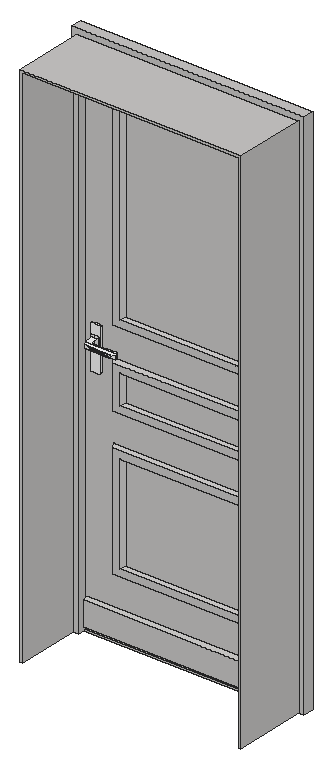
Revit family "Doorset_Porte palière blindée destinée au projet de réhabilitation BELLECOUR_ASSA ABLOY FR_Hardware 3D-05", category Doors, host Wall, Revit 2015
Parameters (values of type "914x2198 mm (900 x 2200mm)")
  Uniclass 2.0 Description = "Doorsets"
  Uniclass 2.0 Code = "PR-59-23"
  Uniclass 1.4 Description = "Doors"
  Uniclass 1.4 Code = "JL20"
  URL = "https://www.fichet-serrurerie-batiment.fr/fr/porte-bellecour"
  Type Comments = "914x2198 mm (900 x 2200mm)"  # constant formula
  Thickness = 62 mm  # constant formula
  Structural Opening Width = if(Width > Maximum Door Width, Maximum Door Width + 20 mm, if(Width < Minimum Door Width, Minimum Door Width + 20 mm, Width + 20 mm))  # 920 mm
  Structural Opening Height = if(Height > Maximum Door Height, Maximum Door Height + 10 mm, if(Height < Minimum Door Height, Minimum Door Height + 10 mm, Height + 10 mm))  # 2210 mm
  Rough Width = Structural Opening Width  # 920 mm
  Rough Height = Structural Opening Height  # 2210 mm
  Region Europe = "France"
  Provider = "ASSA ABLOY FR"  # constant formula
  Product Guid = "56098edf-7293-468c-9a03-4614a8b7a5ac"
  Panel Width = Structural Opening Width - 6 mm  # 914 mm
  Panel Material = Metal - Assa Abloy - Steel
  Panel Height = Structural Opening Height - 12 mm  # 2198 mm
  OmniClass Title = "Doors"
  OmniClass Number = "23-17 11 00"
  Name = "Porte palière blindée destinée au projet de réhabilitation BELLECOUR\r\n"  # constant formula
  Model = "Doorset_Porte palière blindée destinée au projet de réhabilitation BELLECOUR_ASSA ABLOY FR_Hardware 3D\r\n"  # constant formula
  Minimum Door Width = 650 mm  # constant formula
  Minimum Door Height = 1952 mm  # constant formula
  Maximum Door Width = 1050 mm  # constant formula
  Maximum Door Height = 2325 mm  # constant formula
  Manufacturer = "ASSA ABLOY"  # constant formula
  Lock Cases = "1x Cylindre GEMMCODE_Mechanical locks_Fichet [AN. 73960050]\r\n"  # constant formula
  Keynote = "08100"
  Identity and Access Solutions = "1x Serrure 5000 SPN1 T204- D_Identity and Access Solutions_Vachette [AN. 841900 4]\r\n"  # constant formula
  IFC classification = "Door"
  Hardware Set = "\tED-ML-MC-FR16"  # constant formula
  Handle Position = 81 mm  # constant formula
  Handle Height = 1100 mm  # constant formula
  Function = Exterior
  Height = 2200 mm
  Wall Closure = By host
  Width = 900 mm
  Frame Width = Structural Opening Width - 20 mm  # 900 mm
  Frame Material = Metal - Assa Abloy - Steel
  Frame Height = Structural Opening Height - 10 mm  # 2200 mm
  Edition number = "1"
  Description = "La porte anti-effraction certifiée  A2P BP1 \n\r\n"  # constant formula
  Date of publishing = ""
  Contact Provider = "http://www.assaabloy.fr/contactez-nous/"
  Clear Width = Structural Opening Width - 48 mm - 20 mm  # 852 mm
  BIMobject Unique ref = "ED-ML-MC-FR16\r\n"  # constant formula
  BIMobject Product Page = "https://www.bimobject.com/en-us/assaabloy-fr/product/ed-ml-mc-fr16"
  BIMobject Product Group = "Security doors and fittings"  # constant formula
  BIMobject Product Family = "Exterior Door Solutions"  # constant formula
  BIMobject Instructions Video = ""
  BIMobject Brand = "ASSA ABLOY FR"  # constant formula
  Assembly Code = "B2030"
  Architectural Hardware = "1x Ensemble béquillage SCULT_Architectural hardware_Vachette [AN. 204367 4]\r\n"  # constant formula
Reference planes
  plane 1: y = 0
  plane 2 "Center (Left/Right)": x = 0
  plane 3 "Exterior": y = 150
  plane 4 "Interior": y = -150
  plane 5: x = 460
  plane 6: x = -460
  plane 7 "Structural": z = 2210
  plane 8: x = 450
  plane 9: x = -450
  plane 10: z = 2200
  plane 11: z = 1984
  plane 12: y = 88
  plane 13: z = 1100
  plane 14 "Panel": y = 1108.7
  plane 15: y = 1070
  plane 16: x = 416
  plane 17: x = -426
  plane 18: x = 426
  plane 19: y = 194.7
  plane 20: y = 208.5
  plane 21: x = -442.131
  plane 22: x = -484
  plane 23: x = 484
  plane 24: x = -306
  plane 25: x = 306
  plane 26: z = 251.279
  plane 27: z = 740.754
  plane 28: z = 860.754
  plane 29: z = 1060.754
  plane 30: z = 1180.754
  plane 31: z = 2056
  plane 32: x = -416
  plane 33: y = 115
  plane 34: y = 141.2
  plane 35: y = 1046.7
  plane 36: x = 364
  plane 37: x = 457
  plane 38: x = 470.8
  plane 39: z = 2176
  plane 40: z = 2234
  plane 41: x = -376
  plane 42: z = 1100
  plane 43: z = 24
  plane 44: y = 179.7
  plane 45: z = 2244
Forms (mm)
  Sweep 1, solid, material "Metal - Assa Abloy - Steel" <- "Frame Material"
    path origin (0, 150, 0) x (1, 0, 0) y (0, 0, 1)
      loop
        line (-450, 0) -> (-450, 2200) -> (450, 2200) -> (450, 0)
    profile origin (450, 150, 1100) x (0, -1, 0) y (1, 0, 0)
      loop
        line (35, 0) -> (0, 0) -> (0, 34) -> (-44.7, 34) -> (-44.7, -24) -> (35, -24) -> (35, 0)
  Sweep 2, solid, material "Metal - Assa Abloy - Steel" <- "Panel Material"
    path origin (0, 150, 0) x (1, 0, 0) y (0, 0, 1)
      loop
        line (-426, 0) -> (426, 0)
    profile origin (0, 150, 0) x (0, 0, 1) y (0, -1, 0)
      loop
        line (2207, -44.7) -> (2176, -44.7) -> (2176, 3.5) -> (24, 3.5) -> (24, -29.7) -> (11.808, -29.7) -> (11.808, -44.7) -> (9, -44.7) -> (9, -58.5) -> (2207, -58.5) -> (2207, -44.7)
  Extrusion 3, solid, material "Metal - Assa Abloy - Steel" <- "Panel Material"
    sketch origin (0, 0, 0) x (1, 0, 0) y (0, 1, 0)
      loop
        line (-426, 208.5) -> (-457, 208.5) -> (-457, 194.7) -> (-426, 194.7) -> (-426, 208.5)
      loop
        line (426, 208.5) -> (426, 194.7) -> (457, 194.7) -> (457, 208.5) -> (426, 208.5)
    from 9 to 2207
  Sweep 4, solid, material "Metal - Assa Abloy - Steel" <- "Panel Material"
    path origin (-533.519, 208.5, 1200) x (-1, 0, 0) y (0, 0, 1)
      loop
        line (-227.519, -459.246) -> (-839.519, -459.246) -> (-839.519, -948.721) -> (-227.519, -948.721) -> (-227.519, -459.246)
    profile origin (306, 208.5, 496.017) x (0, 1, 0) y (-1, 0, 0)
      loop
        line (0, 0) -> (16, 9.238) -> (16, 38.762) -> (0, 48) -> (0, 0)
      loop
        line (-62, 0) -> (-62, 48) -> (-78, 38.762) -> (-78, 9.238) -> (-62, 0)
  Sweep 5, solid, material "Metal - Assa Abloy - Steel" <- "Panel Material"
    path origin (-533.519, 208.5, 1200) x (-1, 0, 0) y (0, 0, 1)
      loop
        line (-227.519, -139.246) -> (-839.519, -139.246) -> (-839.519, -339.246) -> (-227.519, -339.246) -> (-227.519, -139.246)
    profile origin (306, 208.5, 960.754) x (0, 1, 0) y (-1, 0, 0)
      loop
        line (0, 0) -> (16, 9.238) -> (16, 38.762) -> (0, 48) -> (0, 0)
      loop
        line (-62, 0) -> (-62, 48) -> (-78, 38.762) -> (-78, 9.238) -> (-62, 0)
  Sweep 6, solid, material "Metal - Assa Abloy - Steel" <- "Panel Material"
    path origin (-533.519, 208.5, 1200) x (-1, 0, 0) y (0, 0, 1)
      loop
        line (-227.519, 856) -> (-839.519, 856) -> (-839.519, -19.246) -> (-227.519, -19.246) -> (-227.519, 856)
    profile origin (306, 208.5, 1618.377) x (0, 1, 0) y (-1, 0, 0)
      loop
        line (16, 9.238) -> (16, 38.762) -> (0, 48) -> (0, 0) -> (16, 9.238)
      loop
        line (-78, 9.238) -> (-62, 0) -> (-62, 48) -> (-78, 38.762) -> (-78, 9.238)
  Sweep 7, solid, material "Metal - Assa Abloy - Steel" <- "Panel Material"
    path origin (-533.519, 208.5, 1200) x (-1, 0, 0) y (0, 0, 1)
      loop
        line (-949.519, -1176) -> (-117.519, -1176)
    profile origin (0, 208.5, 24) x (0, 0, 1) y (0, 1, 0)
      loop
        line (0, -62) -> (0, -82) -> (100, -82) -> (107.279, -62) -> (0, -62)
  Sweep 8, solid, material "Metal - Assa Abloy - Steel" <- "Frame Material"
    path origin (-476, 194.7, 1200) x (1, 0, 0) y (0, 0, 1)
      loop
        line (50, -1200) -> (902, -1200)
    profile origin (0, 194.7, 0) x (0, 0, 1) y (0, -1, 0)
      loop
        line (0, 0) -> (11.808, 0) -> (11.808, 11.3) -> (7, 53.5) -> (0, 53.5) -> (0, 0)
  Extrusion 9, solid, material "Metal - Assa Abloy - Steel" <- "Frame Material"
    sketch origin (-533.519, 208.5, 1200) x (-1, 0, 0) y (0, 0, 1)
      loop
        line (-73.519, 1010) -> (-993.519, 1010) -> (-993.519, -1200) -> (-983.519, -1200) -> (-983.519, 1000) -> (-83.519, 1000) -> (-83.519, -1200) -> (-73.519, -1200) -> (-73.519, 1010)
    from -358.5 to -58.5
Cuts and joins
  joined: Sweep 2, Extrusion 3
Lines and regions (mm)
  Opening 1
    outline origin (-5000, -150, 0) x (1, 0, 0) y (0, 0, 1)
      loop
        line (5460, 2210) -> (4540, 2210) -> (4540, 0) -> (5460, 0) -> (5460, 2210)
  Masking region 1
    outline origin (0, 0, 0) x (1, 0, 0) y (0, 1, 0)
      loop
        line (460, 150) -> (-460, 150) -> (-460, -150) -> (460, -150) -> (460, 150)
  Masking region 2, detail levels medium
    outline origin (0, 0, 0) x (1, 0, 0) y (0, 1, 0)
      loop
        line (-484, 194.7) -> (-484, 115) -> (-426, 115) -> (-426, 194.7) -> (-484, 194.7)
      loop
        line (484, 194.7) -> (426, 194.7) -> (426, 115) -> (484, 115) -> (484, 194.7)
  Masking region 3, detail levels fine
    outline origin (0, 0, 0) x (1, 0, 0) y (0, 1, 0)
      loop
        line (-484, 194.7) -> (-484, 150) -> (-450, 150) -> (-450, 115) -> (-426, 115) -> (-426, 194.7) -> (-484, 194.7)
      loop
        line (484, 194.7) -> (426, 194.7) -> (426, 115) -> (450, 115) -> (450, 150) -> (484, 150) -> (484, 194.7)
  Masking region 4, detail levels medium
    outline origin (0, 0, 0) x (1, 0, 0) y (0, 1, 0)
      loop
        line (426, 194.7) -> (426, 1046.7) -> (364, 1046.7) -> (364, 194.7) -> (426, 194.7)
  Masking region 5, detail levels coarse+medium
    outline origin (0, 0, 0) x (0, 1, 0) y (0, 0, 1)
      loop
        line (115, 2234) -> (115, 0) -> (194.7, 0) -> (194.7, 2234) -> (115, 2234)
  Masking region 6, detail levels fine
    outline origin (0, 0, 0) x (0, 1, 0) y (0, 0, 1)
      loop
        line (194.7, 2234) -> (150, 2234) -> (150, 2200) -> (115, 2200) -> (115, 0) -> (194.7, 0) -> (194.7, 9) -> (208.5, 9) -> (208.5, 2207) -> (194.7, 2207) -> (194.7, 2234)
  Masking region 7, detail levels fine
    outline origin (0, 0, 0) x (1, 0, 0) y (0, 1, 0)
      loop
        line (457, 194.7) -> (457, 1108.7) -> (443, 1108.7) -> (443, 1077.7) -> (395, 1077.7) -> (395, 225.7) -> (443, 225.7) -> (443, 194.7) -> (457, 194.7)
  symbolic lines, style "Elevation Swing"
    curve 1: line (450, -150, 2200) -> (-450, -150, 1100)
    curve 2: line (-450, -150, 1100) -> (450, -150, 0)
  symbolic lines, style "Doors", detail levels fine
    curve 3: line (-426, 194.7, 0) -> (426, 194.7, 0)
    curve 4: line (-426, 141.2, 0) -> (426, 141.2, 0)
  symbolic lines, style "Plan Swing", detail levels coarse
    curve 5: line (460, 150, 0) -> (460, 1070, 0)
    curve 6: arc (460, 1070, 0) -> (-190.538, 800.538, 0) -> (-460, 150, 0) r 920
  symbolic lines, style "Plan Swing", detail levels medium
    curve 7: arc (-426, 194.7, 0) -> (-176.455, 797.155, 0) -> (426, 1046.7, 0) r 852
  symbolic lines, style "Plan Swing", detail levels fine
    curve 8: arc (457, 1108.596, 0) -> (-180.356, 836.098, 0) -> (-443.2, 194.7, 0) r 914
  symbolic lines, style "Plan Swing", detail levels medium+fine
    curve 9: line (0, 194.7, 2176) -> (0, 115, 2176)
  symbolic lines, style "Plan Swing"
    curve 10: line (0, 115, 2200) -> (0, -150, 2200)
  symbolic lines, style "DoorsPanelProjection", detail levels fine
    curve 11: line (0, 146.5, 2176) -> (0, 146.5, 24)
    curve 12: line (0, 194.7, 2207) -> (0, 194.7, 2176)
    curve 13: line (0, 146.5, 24) -> (0, 179.7, 24)
    curve 14: line (0, 179.7, 24) -> (0, 179.7, 11.808)
    curve 15: line (0, 179.7, 11.808) -> (0, 194.7, 11.808)
    curve 16: line (0, 194.7, 11.808) -> (0, 194.7, 9)
Text (mm)
  text "Exterior" at (-2295.016, 1099.543, 0), in view "Ref. Level"
  text "Exterior" at (0, 1615.38, 3698.081), in view "Left"
  text "Exterior" at (0, 1036.032, 3874.932), in view "Right"
Dimensions and locks
  locked: plane 3 "Exterior" to host wall at 0
  locked: plane 4 "Interior" to host wall
  equal spacing: plane 6, plane 2 "Center (Left/Right)", plane 5
  locked: plane 8 to plane 5 at 10
  locked: plane 9 to plane 6 at 10
  "Thickness": plane 12 to plane 3 "Exterior"
  "Structural Opening Width": plane 3 "Exterior" to plane 15
  locked: plane 17 to plane 6 at 34
  locked: plane 18 to plane 5 at 34
  locked: plane 3 "Exterior" to plane 19 at 44.7
  locked: plane 19 to plane 20 at 13.8
  Sweep 2 sketch curve to Sweep 2 sketch curve to Sweep 2 sketch curve to level = 12.192 mm locked, 2.808 mm locked, 9 mm locked
  locked: Extrusion 3 sketch curve to plane 17 at 31
  locked: Sweep 2 sketch curve to plane 10 at 24
  locked: plane 10 to Sweep 2 sketch curve at 7
  locked: plane 17 to plane 22 at 58
  locked: plane 23 to plane 18 at 58
  locked: plane 24 to plane 17 at 120
  locked: plane 18 to plane 25 at 120
  plane 27 to plane 26 to level = 489.474 mm locked, 251.279 mm locked
  plane 30 to plane 29 to plane 28 to plane 27 = 120 mm locked, 200 mm locked, 120 mm locked
  locked: plane 7 "Structural" to plane 31 at 154
  locked: plane 24 to plane 32 at 110
  locked: plane 16 to plane 25 at 110
  locked: plane 33 to plane 19 at 79.7
  locked: plane 34 to plane 19 at 53.5
  "Structural Opening Width": plane 5 to plane 6
  "Clear Width": plane 19 to plane 35
  "Thickness": plane 36 to plane 18
  "Structural Opening Height": plane 7 "Structural" to level
  locked: plane 8 to plane 37 at 7
  locked: plane 37 to plane 38 at 13.8
  plane 7 "Structural" to plane 10 = 10 mm
  locked: plane 10 to plane 39 at 24
  equal spacing: plane 10, plane 13, level
  "Panel Width": plane 19 to plane 14 "Panel"
  locked: plane 40 to plane 7 "Structural" at 24
  locked: Masking region 6 sketch curve to level at 9
  locked: plane 7 "Structural" to Masking region 6 sketch curve at 3
  locked: plane 41 to plane 17 at 50
  locked: plane 19 to Masking region 7 sketch curve at 31
  locked: plane 14 "Panel" to Masking region 7 sketch curve at 31
  Masking region 7 sketch curve to Masking region 7 sketch curve to plane 37 = 48 mm locked, 14 mm locked
  "Handle Height": plane 42 to level
  locked: plane 43 to level at 24
  locked: plane 20 to plane 44 at 28.8
  aligned and locked: plane 1 to host wall
  aligned and locked: plane 7 "Structural" to Opening 1 sketch curve
  aligned and locked: plane 5 to Opening 1 sketch curve
  aligned and locked: Opening 1 sketch curve to plane 6
  aligned and locked: level to Opening 1 sketch curve
  aligned and locked: Masking region 1 sketch curve to plane 3 "Exterior"
  aligned and locked: Masking region 1 sketch curve to plane 4 "Interior"
  aligned and locked: plane 6 to Masking region 1 sketch curve
  aligned and locked: Masking region 1 sketch curve to plane 5
  aligned and locked: plane 10 to Sweep 1 sketch curve
  aligned and locked: plane 9 to Sweep 1 sketch curve
  aligned and locked: plane 8 to Sweep 1 sketch curve
  aligned and locked: level to Sweep 1 sketch curve  (x2)
  aligned and locked: plane 17 to Sweep 2 sketch curve
  aligned and locked: plane 18 to Sweep 2 sketch curve
  aligned and locked: Sweep 2 sketch curve to level
  aligned and locked: Extrusion 3 sketch curve to plane 17
  aligned and locked: Extrusion 3 sketch curve to plane 20
  aligned and locked: Extrusion 3 sketch curve to plane 19
  aligned and locked: Extrusion 3 sketch curve to plane 18
  aligned and locked: plane 20 to Extrusion 3 sketch curve
  aligned and locked: plane 19 to Extrusion 3 sketch curve
  aligned and locked: Sweep 2 to Extrusion 3
  aligned and locked: Extrusion 3 to Sweep 2
  aligned and locked: Sweep 4 sketch curve to plane 25
  aligned and locked: plane 24 to Sweep 4 sketch curve
  aligned and locked: plane 27 to Sweep 4 sketch curve
  aligned and locked: Sweep 4 sketch curve to plane 26
  aligned and locked: cut or joined group of Sweep 2, Extrusion 3 to Sweep 4 sketch curve
  aligned and locked: Sweep 4 sketch curve to plane 20
  aligned and locked: Sweep 5 sketch curve to plane 25
  aligned and locked: Sweep 5 sketch curve to plane 28
  aligned and locked: plane 24 to Sweep 5 sketch curve
  aligned and locked: plane 29 to Sweep 5 sketch curve
  aligned and locked: Sweep 5 sketch curve to plane 20
  aligned and locked: cut or joined group of Sweep 2, Extrusion 3 to Sweep 5 sketch curve
  aligned and locked: Sweep 6 sketch curve to plane 25
  aligned and locked: plane 24 to Sweep 6 sketch curve
  aligned and locked: Sweep 6 sketch curve to plane 30
  aligned and locked: plane 31 to Sweep 6 sketch curve
  aligned and locked: plane 20 to Sweep 6 sketch curve
  aligned and locked: Sweep 6 sketch curve to cut or joined group of Sweep 2, Extrusion 3
  aligned and locked: plane 32 to Sweep 7 sketch curve
  aligned and locked: plane 16 to Sweep 7 sketch curve
  aligned and locked: Masking region 2 to plane 33  (x2)
  aligned and locked: Sweep 1 to plane 19
  aligned and locked: Masking region 2 to plane 22
  aligned and locked: plane 17 to Sweep 1
  aligned and locked: Sweep 1 to plane 18
  aligned and locked: plane 23 to Masking region 2
  aligned and locked: Masking region 2 to plane 19  (x2)
  aligned and locked: Sweep 8 sketch curve to level
  aligned and locked: plane 17 to Sweep 8 sketch curve
  aligned and locked: plane 18 to Sweep 8 sketch curve
  aligned and locked: plane 19 to Masking region 3 sketch curve
  aligned and locked: plane 22 to Masking region 3 sketch curve
  aligned and locked: plane 33 to Masking region 3 sketch curve
  aligned and locked: Masking region 3 sketch curve to plane 17
  aligned and locked: Masking region 3 sketch curve to plane 19
  aligned and locked: Masking region 3 sketch curve to plane 18
  aligned and locked: Masking region 3 sketch curve to plane 33
  aligned and locked: Masking region 3 sketch curve to plane 3 "Exterior"
  aligned and locked: plane 23 to Masking region 3 sketch curve
  aligned and locked: plane 19 to curve 3
  aligned and locked: plane 17 to curve 3
  aligned and locked: plane 18 to curve 3
  aligned and locked: plane 17 to curve 4
  aligned and locked: plane 18 to curve 4
  aligned and locked: plane 34 to curve 4
  aligned and locked: plane 15 to curve 5
  aligned and locked: curve 5 to plane 5
  aligned and locked: plane 3 "Exterior" to curve 5
  aligned and locked: plane 3 "Exterior" to curve 6
  aligned and locked: plane 5 to curve 6
  aligned and locked: Masking region 4 sketch curve to plane 36
  aligned and locked: plane 19 to Masking region 4 sketch curve
  aligned and locked: plane 35 to Masking region 4 sketch curve
  aligned and locked: plane 18 to Masking region 4
  aligned and locked: plane 18 to curve 7
  aligned and locked: plane 19 to curve 7
  aligned and locked: Masking region 3 sketch curve to plane 9
  aligned and locked: plane 8 to Masking region 3 sketch curve
  aligned and locked: Masking region 5 sketch curve to plane 33
  aligned and locked: Masking region 5 sketch curve to level
  aligned and locked: plane 40 to Masking region 5 sketch curve
  aligned and locked: plane 33 to Masking region 6
  aligned and locked: Masking region 6 to plane 40
  aligned and locked: plane 19 to Masking region 6
  aligned and locked: Masking region 6 to plane 20
  aligned and locked: level to Sweep 1
  aligned and locked: Sweep 1 to plane 33
  aligned and locked: plane 19 to curve 9
  aligned and locked: Sweep 1 to plane 39
  aligned and locked: plane 33 to curve 9
  aligned and locked: plane 10 to curve 10
  aligned and locked: plane 33 to curve 10
  aligned and locked: plane 4 "Interior" to curve 10
  aligned and locked: plane 33 to Sweep 1
  aligned and locked: Masking region 5 sketch curve to plane 19
  aligned and locked: Sweep 1 to plane 10
  aligned and locked: plane 3 "Exterior" to Sweep 1
  aligned and locked: plane 40 to Masking region 6 sketch curve
  aligned and locked: Masking region 6 sketch curve to plane 10
  aligned and locked: plane 3 "Exterior" to Masking region 6 sketch curve
  aligned and locked: plane 14 "Panel" to Masking region 7 sketch curve
  aligned and locked: plane 37 to Masking region 7 sketch curve
  aligned and locked: plane 39 to curve 11
  aligned and locked: plane 19 to curve 12
  aligned and locked: plane 39 to curve 12
  aligned and locked: Masking region 6 to curve 12
  aligned and locked: curve 13 to plane 43
  aligned and locked: plane 43 to curve 14
  aligned and locked: curve 14 to plane 44
  aligned and locked: cut or joined group of Sweep 2, Extrusion 3 to curve 14
  aligned and locked: curve 16 to plane 19
  aligned and locked: plane 7 "Structural" to Extrusion 9 sketch curve
  aligned and locked: Extrusion 9 sketch curve to plane 6
  aligned and locked: Extrusion 9 sketch curve to plane 5
  aligned and locked: level to Extrusion 9 sketch curve  (x4)
  aligned and locked: Extrusion 9 sketch curve to plane 9
  aligned and locked: Extrusion 9 sketch curve to plane 10
  aligned and locked: Extrusion 9 sketch curve to plane 8
  aligned and locked: plane 4 "Interior" to Extrusion 9
  aligned and locked: Extrusion 9 to plane 3 "Exterior"
  aligned and locked: plane 8 to curve 2
  aligned and locked: plane 9 to curve 2
  aligned and locked: plane 13 to curve 1
  aligned and locked: plane 8 to curve 1
  aligned and locked: plane 10 to curve 1
  aligned and locked: plane 41 to nested 1
  aligned and locked: nested 1 to plane 42
Automatic sketch dimensions
  plane 3 "Exterior" to Sweep 1 sketch curve = 0 mm
  Sweep 1 sketch curve to profile plane = 0 mm
  Sweep 1 sketch curve to plane 3 "Exterior" = 44.7 mm
  profile plane to Sweep 1 sketch curve = 24 mm
  Sweep 1 sketch curve to profile plane = 34 mm
  plane 3 "Exterior" to Sweep 1 sketch curve = 35 mm
  plane 3 "Exterior" to Sweep 2 sketch curve = 3.5 mm
  Sweep 2 sketch curve to plane 3 "Exterior" = 44.7 mm  (x2)
  Sweep 2 sketch curve to Sweep 2 sketch curve = 13.8 mm
  Sweep 2 sketch curve to Sweep 2 sketch curve = 15 mm
  plane 5 to Extrusion 3 sketch curve = 3 mm
  Sweep 4 sketch curve to profile plane = 0 mm  (x2)
  Sweep 4 sketch curve to profile plane = 9.238 mm  (x2)
  Sweep 4 sketch curve to Sweep 4 sketch curve = 16 mm
  plane 20 to Sweep 4 sketch curve = 16 mm
  Sweep 4 sketch curve to Sweep 4 sketch curve = 29.525 mm  (x2)
  Sweep 4 sketch curve to Sweep 4 sketch curve = 9.238 mm  (x2)
  Sweep 5 sketch curve to profile plane = 0 mm  (x2)
  Sweep 5 sketch curve to profile plane = 9.238 mm  (x2)
  Sweep 5 sketch curve to Sweep 5 sketch curve = 16 mm
  plane 20 to Sweep 5 sketch curve = 16 mm
  Sweep 5 sketch curve to Sweep 5 sketch curve = 29.525 mm  (x2)
  Sweep 5 sketch curve to Sweep 5 sketch curve = 9.238 mm  (x2)
  Sweep 6 sketch curve to profile plane = 0 mm  (x2)
  Sweep 6 sketch curve to profile plane = 9.238 mm  (x2)
  Sweep 6 sketch curve to Sweep 6 sketch curve = 16 mm
  plane 20 to Sweep 6 sketch curve = 16 mm
  Sweep 6 sketch curve to Sweep 6 sketch curve = 29.525 mm  (x2)
  Sweep 6 sketch curve to Sweep 6 sketch curve = 9.238 mm  (x2)
  level to Sweep 7 sketch curve = 24 mm
  profile plane to Sweep 7 sketch curve = 0 mm
  Sweep 7 sketch curve to profile plane = 100 mm
  Sweep 7 sketch curve to plane 20 = 82 mm
  Sweep 7 sketch curve to Sweep 7 sketch curve = 7.279 mm
  Sweep 7 sketch curve to Sweep 7 sketch curve = 20 mm
  Masking region 2 sketch curve to plane 22 = 0 mm
  Masking region 2 sketch curve to plane 17 = 0 mm
  Masking region 2 sketch curve to plane 18 = 0 mm
  Masking region 2 sketch curve to plane 23 = 0 mm
  Masking region 2 sketch curve to plane 33 = 0 mm  (x2)
  plane 19 to Masking region 2 sketch curve = 0 mm  (x2)
  profile plane to Sweep 8 sketch curve = 0 mm
  Sweep 8 sketch curve to profile plane = 11.808 mm
  plane 19 to Sweep 8 sketch curve = 0 mm
  Sweep 8 sketch curve to Sweep 8 sketch curve = 53.5 mm
  Sweep 8 sketch curve to profile plane = 7 mm
  Sweep 8 sketch curve to Sweep 8 sketch curve = 11.3 mm
  Masking region 3 sketch curve to host wall = 0 mm
  Masking region 4 sketch curve to plane 18 = 0 mm
  Masking region 6 sketch curve to plane 33 = 0 mm
  Masking region 6 sketch curve to level = 0 mm
  Masking region 6 sketch curve to plane 19 = 0 mm  (x2)
  Masking region 6 sketch curve to plane 20 = 0 mm
  plane 19 to Masking region 7 sketch curve = 0 mm
  plane 8 to Masking region 7 sketch curve = 7 mm
  plane 19 to curve 8 = 0 mm
  curve 8 to plane 37 = 0 mm
  curve 8 to plane 38 = 0 mm
  plane 9 to curve 8 = 6.8 mm
  curve 11 to host wall = 3.5 mm
  curve 16 to curve 15 = 2.808 mm
  curve 2 to level = 0 mm
  curve 6 to host wall = 0 mm
Nested families
  nested 1: "Architectural Hardware_Ensemble béquillage SCULT_ASSA ABLOY FR_204367-4" at (-376, 146.5, 1088.322) x (1, 0, 0) z (0, -1, 0), Panel Width <- "Panel Width", Panel Thickness <- "Thickness", Distance From Side Of The Panel <- "Handle Position", type "Ensemble béquillage SCULT_204367-4"
    with Panel Width 914 mm, Panel Thickness 62 mm, Distance From Side Of The Panel 81 mm
Definition of nested family "Architectural Hardware_Ensemble béquillage SCULT_ASSA ABLOY FR_204367-4"
  Parameters (values of type "Ensemble béquillage SCULT_204367-4")
    Uniclass 2015 Description = "Door lever handle sets"
    Uniclass 2015 Code = "Pr_30_36_59_25"
    Uniclass 2.0 Description = "Door Lever Handle Sets"
    Uniclass 2.0 Code = "PR-36-59-23"
    Uniclass 1.4 Description = "Doors"
    Uniclass 1.4 Code = "L411"
    URL = "https://www.vachette.fr/scult-nouveau/"
    UNSPSC name = "Doors"
    UNSPSC code = "301715"
    Type Comments = "Ensemble béquillage SCULT_204367-4"  # constant formula
    Region Europe = "FR"
    Reference Standards = ""
    Provider = "ASSA ABLOY FR"  # constant formula
    Product Range = "Architectural hardware"  # constant formula
    Product Guid = "0d5677b4-6917-4373-a46f-9c91676cefdc"
    Product Group = "Architectural Hardware"  # constant formula
    Product Datasheet = ""
    Panel Width [instance] = 800 mm
    Panel Thickness [instance] = 62 mm
    OmniClass Title = "Doors"
    OmniClass Number = "23-17 11 00"
    Name = "Ensemble béquillage SCULT_204367-4"  # constant formula
    NBS Reference Description = "Door Lever Handle Sets"
    NBS Reference Code = "36-59-23"
    Model = "Architectural Hardware_Ensemble béquillage SCULT_ASSA ABLOY FR_204367-4"  # constant formula
    Manufacturer = "ASSA ABLOY"  # constant formula
    Keynote = "08700"
    IFC classification = "Door"
    Finish = none
    Environmental Product Declaration (EPD) = ""
    Environmental Management System = ""
    Edition number = "1"
    Distance From Side Of The Panel [instance] = 50 mm
    Description = "Equipement SCULT chromé velours \r\n"  # constant formula
    Default Elevation = 0 mm
    Date of publishing = ""
    Contact Provider = "http://www.assaabloy.fr/contactez-nous/"
    Brand = "VACHETTE\r\n"  # constant formula
    BIMobject Unique ref = "204367-4"  # constant formula
    BIMobject Instructions Video = ""
    BIMobject Category = "Doors - Door sets"  # constant formula
    BIMobject Brand = "ASSA ABLOY FR"  # constant formula
    Assembly Code = "B2030"
    Article Number = "204367-4"  # constant formula
    Accessories = ""
  Reference planes
    plane 1 "Center (Front/Back)": y = 0
    plane 2: z = 0
    plane 3 "Center (Left/Right)": x = 0
    plane 4: x = -50
    plane 5: x = 750
    plane 6: z = -62
    plane 7: x = 688
    plane 8: z = -72
    plane 9: x = 74.858
    plane 10: z = -124
    plane 11: z = -862
    plane 12: y = 26
    plane 13: y = -26
    plane 14: y = 76.5
    plane 15: y = -108.5
    plane 16: z = 9.5
    plane 17: z = 61.5
    plane 18: x = 114
    plane 19: x = -20.5
    plane 20: x = 20.5
    plane 21: z = -812
    plane 22: z = -72.55
    plane 23: z = -68.6
    plane 24: z = 7
    plane 25: z = 10.05
    plane 26: y = 11.678
  Forms (mm)
    Extrusion 1, solid
      sketch origin (0, 0, 0) x (1, 0, 0) y (0, 1, 0)
        loop
          line (-1219.2, 1219.2) -> (-1219.2, -1219.2) -> (1219.2, -1219.2) -> (1219.2, 1219.2) -> (-1219.2, 1219.2)
      from 0 to -304.8
    Extrusion 2, solid, material <- "Finish", detail levels fine
      sketch origin (-221.2, -4572, -72) x (-1, 0, 0) y (0, -1, 0)
        loop
          arc (-200.7, -4468.202) -> (-201.015, -4467.228) -> (-201.841, -4466.624) r 1.662
          arc (-201.841, -4466.624) -> (-221.18, -4463.5) -> (-240.528, -4466.568) r 61.979
          arc (-240.528, -4466.568) -> (-241.376, -4467.186) -> (-241.7, -4468.184) r 1.7
          line (-241.7, -4468.184) -> (-241.7, -4643.025)
          arc (-241.7, -4643.025) -> (-241.233, -4644.196) -> (-240.088, -4644.723) r 1.7
          arc (-240.088, -4644.723) -> (-221.199, -4648.5) -> (-202.322, -4644.669) r 48.77
          arc (-202.322, -4644.669) -> (-201.173, -4644.168) -> (-200.7, -4643.007) r 1.662
          line (-200.7, -4643.007) -> (-200.7, -4468.202)
      from 3.4 to 10
    Extrusion 3, solid, material <- "Finish", detail levels fine
      sketch origin (-292.695, -4462.502, -17.348) x (-1, 0, 0) y (0, -1, 0)
        loop
          arc (-274.204, -4455.335) -> (-292.775, -4452.77) -> (-311.341, -4455.376) r 67.95
          arc (-311.341, -4455.376) -> (-311.938, -4455.854) -> (-312.163, -4456.585) r 1.299
          line (-312.163, -4456.585) -> (-312.163, -4491.477)
          arc (-312.163, -4491.477) -> (-311.919, -4492.265) -> (-311.272, -4492.778) r 1.397
          arc (-311.272, -4492.778) -> (-292.778, -4495.366) -> (-274.277, -4492.821) r 67.95
          arc (-274.277, -4492.821) -> (-273.542, -4492.32) -> (-273.259, -4491.477) r 1.397
          line (-273.259, -4491.477) -> (-273.259, -4456.585)
          arc (-273.259, -4456.585) -> (-273.522, -4455.801) -> (-274.204, -4455.335) r 1.299
      from -54.652 to -51.252
    Sweep 4, solid, material <- "Finish", detail levels fine
      path origin (11, -4572, -72.55) x (0, -1, 0) y (1, 0, 0)
        loop
          line (-4595.275, -11) -> (-4571.775, -11)
      profile origin (0, 11.525, -72.55) x (1, 0, 0) y (0, 0, 1)
        loop
          arc (102.929, -27.901) -> (59.543, -30.818) -> (16.116, -28.572) r 366.157
          arc (16.116, -28.572) -> (12.915, -26.921) -> (11.63, -23.557) r 5.046
          line (11.63, -23.557) -> (11.63, 0) -> (-11.63, 0)
          arc (-11.63, 0) -> (-11.084, -11.421) -> (-10.433, -22.836) r 1263.867
          arc (-10.433, -22.836) -> (-9.095, -34.187) -> (-6.496, -45.316) r 102.117
          arc (-6.496, -45.316) -> (-5.963, -46.16) -> (-5.065, -46.594) r 1.815
          arc (-5.065, -46.594) -> (58.319, -51.934) -> (121.66, -46.1) r 362.114
          arc (121.66, -46.1) -> (122.307, -45.622) -> (122.323, -44.819) r 0.911
          line (122.323, -44.819) -> (118.417, -36.442)
          arc (118.417, -36.442) -> (112.066, -29.646) -> (102.929, -27.901) r 15
    Extrusion 5, solid, material <- "Finish", detail levels fine
      sketch origin (-221.2, -4572, -3.4) x (-1, 0, 0) y (0, -1, 0)
        loop
          arc (-200.7, -4468.202) -> (-201.015, -4467.228) -> (-201.841, -4466.624) r 1.662
          arc (-201.841, -4466.624) -> (-221.18, -4463.5) -> (-240.528, -4466.568) r 61.979
          arc (-240.528, -4466.568) -> (-241.376, -4467.186) -> (-241.7, -4468.184) r 1.7
          line (-241.7, -4468.184) -> (-241.7, -4643.025)
          arc (-241.7, -4643.025) -> (-241.233, -4644.196) -> (-240.088, -4644.723) r 1.7
          arc (-240.088, -4644.723) -> (-221.199, -4648.5) -> (-202.322, -4644.669) r 48.77
          arc (-202.322, -4644.669) -> (-201.173, -4644.168) -> (-200.7, -4643.007) r 1.662
          line (-200.7, -4643.007) -> (-200.7, -4468.202)
      from 3.4 to 10.4
    Extrusion 6, solid, material <- "Finish", detail levels fine
      sketch origin (-292.695, -4462.502, 62.279) x (-1, 0, 0) y (0, -1, 0)
        loop
          arc (-274.204, -4455.335) -> (-292.775, -4452.77) -> (-311.341, -4455.376) r 67.95
          arc (-311.341, -4455.376) -> (-311.938, -4455.854) -> (-312.163, -4456.585) r 1.299
          line (-312.163, -4456.585) -> (-312.163, -4491.477)
          arc (-312.163, -4491.477) -> (-311.919, -4492.265) -> (-311.272, -4492.778) r 1.397
          arc (-311.272, -4492.778) -> (-292.778, -4495.366) -> (-274.277, -4492.821) r 67.95
          arc (-274.277, -4492.821) -> (-273.542, -4492.32) -> (-273.259, -4491.477) r 1.397
          line (-273.259, -4491.477) -> (-273.259, -4456.585)
          arc (-273.259, -4456.585) -> (-273.522, -4455.801) -> (-274.204, -4455.335) r 1.299
      from -55.279 to -52.779
    Sweep 7, solid, material <- "Finish", detail levels fine
      path origin (11, -4572, 8.95) x (0, -1, 0) y (1, 0, 0)
        loop
          line (-4595.275, -11) -> (-4571.775, -11)
      profile origin (0, 11.525, 8.95) x (1, 0, 0) y (0, 0, 1)
        loop
          arc (102.929, 29.001) -> (112.066, 30.746) -> (118.417, 37.542) r 15
          line (118.417, 37.542) -> (122.323, 45.919)
          arc (122.323, 45.919) -> (122.307, 46.722) -> (121.66, 47.2) r 0.911
          arc (121.66, 47.2) -> (58.319, 53.034) -> (-5.065, 47.694) r 362.114
          arc (-5.065, 47.694) -> (-5.963, 47.26) -> (-6.496, 46.416) r 1.815
          arc (-6.496, 46.416) -> (-9.095, 35.287) -> (-10.433, 23.936) r 102.117
          arc (-10.433, 23.936) -> (-11.084, 12.521) -> (-11.63, 1.1) r 1263.867
          line (-11.63, 1.1) -> (11.63, 1.1) -> (11.63, 24.657)
          arc (11.63, 24.657) -> (12.915, 28.021) -> (16.116, 29.672) r 5.046
          arc (16.116, 29.672) -> (59.543, 31.918) -> (102.929, 29.001) r 366.157
    Extrusion 8, void
      sketch origin (0, 0, -12.219) x (0, 1, 0) y (0, 0, 1)
        loop
          arc (6.036, 71.595) -> (3.87, 64.474) -> (2.447, 57.169) r 72.268
          arc (2.447, 57.169) -> (0.693, 39.486) -> (0.427, 21.719) r 211.855
          line (0.427, 21.719) -> (-4.151, 21.719) -> (-4.151, 87.436) -> (30.849, 87.436) -> (30.849, 21.714) -> (22.929, 21.714)
          arc (22.929, 21.714) -> (22.651, 39.692) -> (20.85, 57.582) r 211.855
          arc (20.85, 57.582) -> (19.508, 64.305) -> (17.446, 70.844) r 63.279
          arc (17.446, 70.844) -> (16.751, 72.077) -> (15.714, 73.041) r 4.617
          arc (15.714, 73.041) -> (11.632, 74.362) -> (7.55, 73.041) r 6.969
          arc (7.55, 73.041) -> (6.716, 72.332) -> (6.003, 71.501) r 6.969
      from -22.948 to 250
    Extrusion 9, void
      sketch origin (0, 0, 0) x (0, 1, 0) y (0, 0, 1)
        loop
          arc (17.023, -122.291) -> (11.454, -124.592) -> (6.036, -121.956) r 7.349
          arc (6.036, -121.956) -> (3.843, -114.77) -> (2.408, -107.395) r 72.289
          arc (2.408, -107.395) -> (0.682, -90.014) -> (0.394, -72.55) r 211.844
          line (0.394, -72.55) -> (-4.151, -72.55) -> (-4.151, -137.55) -> (30.849, -137.55) -> (30.849, -72.55) -> (22.962, -72.55)
          arc (22.962, -72.55) -> (22.662, -90.221) -> (20.89, -107.805) r 211.844
          arc (20.89, -107.805) -> (19.387, -115.163) -> (17.023, -122.291) r 63.3
      from -81.117 to 250
  Cuts and joins
    Extrusion 8, Extrusion 9 cuts Sweep 4
    Extrusion 8 cuts Sweep 7
  Lines and regions (mm)
    Masking region 1, not visible, detail levels fine
      outline origin (0, 0, -75) x (1, 0, 0) y (0, 0, 1)
        loop
          line (87.276, -89.061) -> (88.736, -97.343)
          arc (88.736, -97.343) -> (89.241, -98.216) -> (90.188, -98.561) r 1.474
          line (90.188, -98.561) -> (125.336, -98.561)
          arc (125.336, -98.561) -> (126.305, -98.208) -> (126.821, -97.315) r 1.507
          line (126.821, -97.315) -> (128.276, -89.061) -> (107.776, -89.061) -> (87.276, -89.061)
    Masking region 2, not visible, detail levels fine
      outline origin (0, 0, -75) x (1, 0, 0) y (0, 0, 1)
        loop
          line (96.276, -99.611) -> (97.473, -122.447)
          arc (97.473, -122.447) -> (98.812, -133.798) -> (101.41, -144.927) r 102.117
          arc (101.41, -144.927) -> (101.943, -145.771) -> (102.841, -146.205) r 1.815
          arc (102.841, -146.205) -> (166.226, -151.545) -> (229.567, -145.711) r 362.114
          arc (229.567, -145.711) -> (230.213, -145.233) -> (230.229, -144.43) r 0.911
          line (230.229, -144.43) -> (226.323, -136.053)
          arc (226.323, -136.053) -> (219.972, -129.257) -> (210.835, -127.512) r 15
          arc (210.835, -127.512) -> (167.204, -130.431) -> (123.536, -128.128) r 366.157
          arc (123.536, -128.128) -> (120.682, -126.653) -> (119.537, -123.652) r 4.504
          line (119.537, -123.652) -> (119.537, -99.611) -> (96.276, -99.611)
    Masking region 3, detail levels fine
      outline origin (660.939, 0, -919.776) x (0, 0, 1) y (-1, 0, 0)
        loop
          line (87.276, -89.061) -> (88.736, -97.343)
          arc (88.736, -97.343) -> (89.241, -98.216) -> (90.188, -98.561) r 1.474
          line (90.188, -98.561) -> (125.336, -98.561)
          arc (125.336, -98.561) -> (126.305, -98.208) -> (126.821, -97.315) r 1.507
          line (126.821, -97.315) -> (128.276, -89.061) -> (107.776, -89.061) -> (87.276, -89.061)
    Masking region 4, detail levels fine
      outline origin (660.939, 0, -919.776) x (0, 0, 1) y (-1, 0, 0)
        loop
          line (96.276, -99.611) -> (97.473, -122.447)
          arc (97.473, -122.447) -> (98.812, -133.798) -> (101.41, -144.927) r 102.117
          arc (101.41, -144.927) -> (101.943, -145.771) -> (102.841, -146.205) r 1.815
          arc (102.841, -146.205) -> (166.226, -151.545) -> (229.567, -145.711) r 362.114
          arc (229.567, -145.711) -> (230.213, -145.233) -> (230.229, -144.43) r 0.911
          line (230.229, -144.43) -> (226.323, -136.053)
          arc (226.323, -136.053) -> (219.972, -129.257) -> (210.835, -127.512) r 15
          arc (210.835, -127.512) -> (167.204, -130.431) -> (123.536, -128.128) r 366.157
          arc (123.536, -128.128) -> (120.682, -126.653) -> (119.537, -123.652) r 4.504
          line (119.537, -123.652) -> (119.537, -99.611) -> (96.276, -99.611)
    Masking region 5, detail levels fine
      outline origin (777.061, 0, -919.776) x (0, 0, 1) y (-1, 0, 0)
        loop
          line (87.276, 89.061) -> (107.776, 89.061) -> (128.276, 89.061) -> (126.821, 97.315)
          arc (126.821, 97.315) -> (126.305, 98.208) -> (125.336, 98.561) r 1.507
          line (125.336, 98.561) -> (90.188, 98.561)
          arc (90.188, 98.561) -> (89.241, 98.216) -> (88.736, 97.343) r 1.474
          line (88.736, 97.343) -> (87.276, 89.061)
    Masking region 6, detail levels fine
      outline origin (777.061, 0, -919.776) x (0, 0, 1) y (-1, 0, 0)
        loop
          line (96.276, 99.611) -> (119.537, 99.611) -> (119.537, 123.652)
          arc (119.537, 123.652) -> (120.682, 126.653) -> (123.536, 128.128) r 4.504
          arc (123.536, 128.128) -> (167.204, 130.431) -> (210.835, 127.512) r 366.157
          arc (210.835, 127.512) -> (219.972, 129.257) -> (226.323, 136.053) r 15
          line (226.323, 136.053) -> (230.229, 144.43)
          arc (230.229, 144.43) -> (230.213, 145.233) -> (229.567, 145.711) r 0.911
          arc (229.567, 145.711) -> (166.226, 151.545) -> (102.841, 146.205) r 362.114
          arc (102.841, 146.205) -> (101.943, 145.771) -> (101.41, 144.927) r 1.815
          arc (101.41, 144.927) -> (98.812, 133.798) -> (97.473, 122.447) r 102.117
          line (97.473, 122.447) -> (96.276, 99.611)
    Masking region 7, detail levels fine
      outline origin (0, 0, 0) x (0, 1, 0) y (0, 0, 1)
        loop
          line (76.5, -62) -> (-108.5, -62) -> (-107.458, -65.993)
          arc (-107.458, -65.993) -> (-106.878, -66.869) -> (-105.884, -67.208) r 1.626
          line (-105.884, -67.208) -> (-11.687, -67.208)
          arc (-11.687, -67.208) -> (-10.452, -67.628) -> (-9.727, -68.713) r 2.029
          line (-9.727, -68.713) -> (-9.279, -70.384)
          arc (-9.279, -70.384) -> (-8.741, -71.189) -> (-7.824, -71.5) r 1.506
          line (-7.824, -71.5) -> (30.867, -71.5)
          arc (30.867, -71.5) -> (31.784, -71.189) -> (32.322, -70.384) r 1.506
          line (32.322, -70.384) -> (32.77, -68.713)
          arc (32.77, -68.713) -> (33.495, -67.628) -> (34.73, -67.208) r 2.029
          line (34.73, -67.208) -> (73.884, -67.208)
          arc (73.884, -67.208) -> (74.878, -66.869) -> (75.458, -65.993) r 1.626
          line (75.458, -65.993) -> (76.5, -62)
    Masking region 8, detail levels fine
      outline origin (0, 0, 0) x (0, 1, 0) y (0, 0, 1)
        loop
          line (23.215, -72.55) -> (-0.222, -72.55) -> (2.299, -112.47)
          arc (2.299, -112.47) -> (3.333, -117.415) -> (5.719, -121.867) r 17.723
          arc (5.719, -121.867) -> (6.912, -123.441) -> (8.694, -124.292) r 4.184
          arc (8.694, -124.292) -> (11.497, -124.583) -> (14.299, -124.292) r 13.619
          arc (14.299, -124.292) -> (16.081, -123.441) -> (17.274, -121.867) r 4.184
          arc (17.274, -121.867) -> (19.66, -117.415) -> (20.694, -112.47) r 17.723
          line (20.694, -112.47) -> (23.215, -72.55)
    Masking region 9, not visible, detail levels fine
      outline origin (0, 0, 0) x (0, 1, 0) y (0, 0, 1)
        loop
          line (76.5, -62) -> (-108.5, -62) -> (-107.458, -65.993)
          arc (-107.458, -65.993) -> (-106.878, -66.869) -> (-105.884, -67.208) r 1.626
          line (-105.884, -67.208) -> (-11.687, -67.208)
          arc (-11.687, -67.208) -> (-10.452, -67.628) -> (-9.727, -68.713) r 2.029
          line (-9.727, -68.713) -> (-9.279, -70.384)
          arc (-9.279, -70.384) -> (-8.741, -71.189) -> (-7.824, -71.5) r 1.506
          line (-7.824, -71.5) -> (30.867, -71.5)
          arc (30.867, -71.5) -> (31.784, -71.189) -> (32.322, -70.384) r 1.506
          line (32.322, -70.384) -> (32.77, -68.713)
          arc (32.77, -68.713) -> (33.495, -67.628) -> (34.73, -67.208) r 2.029
          line (34.73, -67.208) -> (73.884, -67.208)
          arc (73.884, -67.208) -> (74.878, -66.869) -> (75.458, -65.993) r 1.626
          line (75.458, -65.993) -> (76.5, -62)
    Masking region 10, not visible, detail levels fine
      outline origin (0, 0, 0) x (0, 1, 0) y (0, 0, 1)
        loop
          line (23.215, -72.55) -> (-0.222, -72.55) -> (2.299, -112.47)
          arc (2.299, -112.47) -> (3.333, -117.415) -> (5.719, -121.867) r 17.723
          arc (5.719, -121.867) -> (6.912, -123.441) -> (8.694, -124.292) r 4.184
          arc (8.694, -124.292) -> (11.497, -124.583) -> (14.299, -124.292) r 13.619
          arc (14.299, -124.292) -> (16.081, -123.441) -> (17.274, -121.867) r 4.184
          arc (17.274, -121.867) -> (19.66, -117.415) -> (20.694, -112.47) r 17.723
          line (20.694, -112.47) -> (23.215, -72.55)
    Masking region 11, detail levels fine
      outline origin (0, 0, -62) x (0, 1, 0) y (0, 0, 1)
        loop
          line (76.5, 62) -> (75.458, 65.993)
          arc (75.458, 65.993) -> (74.878, 66.869) -> (73.884, 67.208) r 1.626
          line (73.884, 67.208) -> (34.73, 67.208)
          arc (34.73, 67.208) -> (33.495, 67.628) -> (32.77, 68.713) r 2.029
          line (32.77, 68.713) -> (32.322, 70.384)
          arc (32.322, 70.384) -> (31.784, 71.189) -> (30.867, 71.5) r 1.506
          line (30.867, 71.5) -> (-7.824, 71.5)
          arc (-7.824, 71.5) -> (-8.741, 71.189) -> (-9.279, 70.384) r 1.506
          line (-9.279, 70.384) -> (-9.727, 68.713)
          arc (-9.727, 68.713) -> (-10.452, 67.628) -> (-11.687, 67.208) r 2.029
          line (-11.687, 67.208) -> (-105.884, 67.208)
          arc (-105.884, 67.208) -> (-106.878, 66.869) -> (-107.458, 65.993) r 1.626
          line (-107.458, 65.993) -> (-108.5, 62) -> (76.5, 62)
    Masking region 12, detail levels fine
      outline origin (0, 0, -62) x (0, 1, 0) y (0, 0, 1)
        loop
          line (23.215, 72.55) -> (20.694, 112.47)
          arc (20.694, 112.47) -> (19.66, 117.415) -> (17.274, 121.867) r 17.723
          arc (17.274, 121.867) -> (16.081, 123.441) -> (14.299, 124.292) r 4.184
          arc (14.299, 124.292) -> (11.497, 124.583) -> (8.694, 124.292) r 13.619
          arc (8.694, 124.292) -> (6.912, 123.441) -> (5.719, 121.867) r 4.184
          arc (5.719, 121.867) -> (3.333, 117.415) -> (2.299, 112.47) r 17.723
          line (2.299, 112.47) -> (-0.222, 72.55) -> (23.215, 72.55)
    symbolic lines, detail levels fine
      curve 1: line (0, 20.852, -109.317) -> (0, 16.135, -100.587)
      curve 2: arc (0, 16.135, -100.587) -> (0, 11.532, -100.378) -> (0, 6.929, -100.587) r 50.76
      curve 3: line (0, 6.929, -100.587) -> (0, 2.123, -109.257)
      curve 4: arc (0, 16.259, -117.973) -> (0, 11.653, -119.07) -> (0, 7.017, -118.114) r 10.921
      curve 5: arc (0, 16.259, -117.973) -> (0, 19.228, -114.002) -> (0, 20.852, -109.317) r 16.144
      curve 6: arc (0, 7.017, -118.114) -> (0, 3.928, -114.04) -> (0, 2.123, -109.257) r 17.814
      curve 7: line (0, 16.135, -100.587) -> (0, 14.557, -118.631)
      curve 8: line (0, 6.929, -100.587) -> (0, 8.837, -118.745)
      curve 9: line (0, 16, -72.55) -> (0, 16.135, -100.587)
      curve 10: line (0, 6.929, -100.587) -> (0, 6.929, -72.55)
      curve 11: line (0, 34.73, -67.208) -> (0, -11.687, -67.208)
      curve 23: line (0, 20.852, 47.317) -> (0, 16.135, 38.587)
      curve 24: arc (0, 16.135, 38.587) -> (0, 11.532, 38.378) -> (0, 6.929, 38.587) r 50.76
      curve 25: line (0, 6.929, 38.587) -> (0, 2.123, 47.257)
      curve 26: arc (0, 16.259, 55.973) -> (0, 11.653, 57.07) -> (0, 7.017, 56.114) r 10.921
      curve 27: arc (0, 16.259, 55.973) -> (0, 19.228, 52.002) -> (0, 20.852, 47.317) r 16.144
      curve 28: arc (0, 7.017, 56.114) -> (0, 3.928, 52.04) -> (0, 2.123, 47.257) r 17.814
      curve 29: line (0, 16.135, 38.587) -> (0, 14.557, 56.631)
      curve 30: line (0, 6.929, 38.587) -> (0, 8.837, 56.745)
      curve 31: line (0, 16, 10.55) -> (0, 16.135, 38.587)
      curve 32: line (0, 6.929, 38.587) -> (0, 6.929, 10.55)
      curve 33: line (0, 34.73, 5.208) -> (0, -11.687, 5.208)
    symbolic lines, not visible, detail levels fine
      curve 12: line (0, 20.852, -109.317) -> (0, 16.135, -100.587)
      curve 13: arc (0, 16.135, -100.587) -> (0, 11.532, -100.378) -> (0, 6.929, -100.587) r 50.76
      curve 14: line (0, 6.929, -100.587) -> (0, 2.123, -109.257)
      curve 15: arc (0, 16.259, -117.973) -> (0, 11.653, -119.07) -> (0, 7.017, -118.114) r 10.921
      curve 16: arc (0, 16.259, -117.973) -> (0, 19.228, -114.002) -> (0, 20.852, -109.317) r 16.144
      curve 17: arc (0, 7.017, -118.114) -> (0, 3.928, -114.04) -> (0, 2.123, -109.257) r 17.814
      curve 18: line (0, 16.135, -100.587) -> (0, 14.557, -118.631)
      curve 19: line (0, 6.929, -100.587) -> (0, 8.837, -118.745)
      curve 20: line (0, 16, -72.55) -> (0, 16.135, -100.587)
      curve 21: line (0, 6.929, -100.587) -> (0, 6.929, -72.55)
      curve 22: line (0, 34.73, -67.208) -> (0, -11.687, -67.208)
  Dimensions and locks
    "Distance From Side Of The Panel": plane 3 "Center (Left/Right)" to plane 4
    "Panel Width": plane 5 to plane 4
    "Panel Thickness": plane 2 to plane 6
    "Panel Thickness": plane 5 to plane 7
    locked: plane 6 to plane 8 at 10
    locked: plane 9 to plane 3 "Center (Left/Right)" at 74.858
    locked: plane 6 to plane 10 at 62
    "Panel Width": plane 6 to plane 11
    plane 13 to plane 1 "Center (Front/Back)" to plane 12 = 26 mm locked, 26 mm locked
    locked: plane 15 to plane 14 at 185
    locked: plane 16 to plane 2 at 9.5
    locked: plane 17 to Extrusion 1 at 61.5
    plane 9 to plane 3 "Center (Left/Right)" = 74.858 mm
    locked: plane 18 to plane 3 "Center (Left/Right)" at 114
    "Distance From Side Of The Panel": plane 21 to plane 11
    locked: plane 8 to plane 22 at 0.55
    plane 6 to plane 23 = 6.6 mm
    locked: plane 24 to Extrusion 1 at 7
    locked: plane 25 to plane 16 at 0.55
    aligned and locked: plane 2 to Extrusion 1
    aligned and locked: level to Extrusion 1
    aligned and locked: Masking region 3 to plane 5
    aligned and locked: plane 21 to Masking region 3
    aligned and locked: plane 21 to Masking region 5
    aligned and locked: plane 7 to Masking region 5
    aligned and locked: plane 6 to Extrusion 2
    aligned and locked: Masking region 7 to plane 6
    aligned and locked: Extrusion 3 to plane 8
    aligned and locked: plane 23 to Extrusion 3
    aligned and locked: plane 2 to Masking region 11
    aligned and locked: Extrusion 5 to Extrusion 1
    aligned and locked: plane 24 to Extrusion 5
    aligned and locked: Extrusion 6 to plane 24
    aligned and locked: plane 16 to Extrusion 6
    aligned and locked: plane 22 to Extrusion 9 sketch curve  (x2)
  Automatic sketch dimensions
    Masking region 2 sketch curve to Masking region 2 sketch curve = 4.504 mm
    Masking region 2 sketch curve to Masking region 2 sketch curve = 0.195 mm
    Masking region 2 sketch curve to Masking region 2 sketch curve = 75.356 mm
    Masking region 2 sketch curve to Masking region 2 sketch curve = 13.331 mm
    Masking region 2 sketch curve to Masking region 2 sketch curve = 13.595 mm
    Masking region 2 sketch curve to Masking region 2 sketch curve = 3.081 mm
    Masking region 2 sketch curve to Masking region 2 sketch curve = 0.826 mm
    Masking region 2 sketch curve to Masking region 2 sketch curve = 0.385 mm
    Masking region 2 sketch curve to Masking region 2 sketch curve = 6.339 mm
    Masking region 2 sketch curve to Masking region 2 sketch curve = 22.836 mm
    Masking region 2 sketch curve to Masking region 2 sketch curve = 25.15 mm
    Masking region 2 sketch curve to Masking region 2 sketch curve = 0 mm  (x3)
    Masking region 2 sketch curve to Masking region 2 sketch curve = 1.197 mm
    Masking region 2 sketch curve to Masking region 2 sketch curve = 5.679 mm
    Masking region 2 sketch curve to Masking region 2 sketch curve = 23.261 mm
    Masking region 2 sketch curve to Masking region 2 sketch curve = 45.083 mm
    Masking region 2 sketch curve to Masking region 2 sketch curve = 0.398 mm
    Masking region 2 sketch curve to Masking region 2 sketch curve = 2.423 mm
    Masking region 2 sketch curve to Masking region 2 sketch curve = 20.764 mm
    Masking region 2 sketch curve to Masking region 2 sketch curve = 1.205 mm
    Masking region 2 sketch curve to Masking region 2 sketch curve = 26.211 mm
    Masking region 2 sketch curve to Masking region 2 sketch curve = 310.178 mm
    Masking region 4 sketch curve to Masking region 4 sketch curve = 4.504 mm
    Masking region 4 sketch curve to Masking region 4 sketch curve = 0.195 mm
    Masking region 4 sketch curve to Masking region 4 sketch curve = 75.356 mm
    Masking region 4 sketch curve to Masking region 4 sketch curve = 13.331 mm
    Masking region 4 sketch curve to Masking region 4 sketch curve = 13.595 mm
    Masking region 4 sketch curve to Masking region 4 sketch curve = 3.081 mm
    Masking region 4 sketch curve to Masking region 4 sketch curve = 0.826 mm
    Masking region 4 sketch curve to Masking region 4 sketch curve = 0.385 mm
    Masking region 4 sketch curve to Masking region 4 sketch curve = 6.339 mm
    Masking region 4 sketch curve to Masking region 4 sketch curve = 22.836 mm
    Masking region 4 sketch curve to Masking region 4 sketch curve = 25.15 mm
    Masking region 4 sketch curve to Masking region 4 sketch curve = 0 mm  (x3)
    Masking region 4 sketch curve to Masking region 4 sketch curve = 1.197 mm
    Masking region 4 sketch curve to Masking region 4 sketch curve = 5.679 mm
    Masking region 4 sketch curve to Masking region 4 sketch curve = 23.261 mm
    Masking region 4 sketch curve to Masking region 4 sketch curve = 45.083 mm
    Masking region 4 sketch curve to Masking region 4 sketch curve = 0.398 mm
    Masking region 4 sketch curve to Masking region 4 sketch curve = 2.423 mm
    Masking region 4 sketch curve to Masking region 4 sketch curve = 20.764 mm
    Masking region 4 sketch curve to Masking region 4 sketch curve = 1.205 mm
    Masking region 4 sketch curve to Masking region 4 sketch curve = 26.211 mm
    Masking region 4 sketch curve to Masking region 4 sketch curve = 310.178 mm
    Masking region 3 sketch curve to Masking region 3 sketch curve = 1.452 mm
    Masking region 3 sketch curve to Masking region 3 sketch curve = 35.148 mm
    Masking region 3 sketch curve to Masking region 3 sketch curve = 1.484 mm
    Masking region 3 sketch curve to Masking region 3 sketch curve = 1.455 mm
    Masking region 3 sketch curve to Masking region 3 sketch curve = 1.218 mm
    Masking region 3 sketch curve to Masking region 3 sketch curve = 1.246 mm
    Masking region 3 sketch curve to Masking region 3 sketch curve = 8.254 mm
    Masking region 3 sketch curve to Masking region 3 sketch curve = 1.46 mm
    Masking region 3 sketch curve to Masking region 3 sketch curve = 17.56 mm
    Masking region 1 sketch curve to Masking region 1 sketch curve = 1.452 mm
    Masking region 1 sketch curve to Masking region 1 sketch curve = 35.148 mm
    Masking region 1 sketch curve to Masking region 1 sketch curve = 1.484 mm
    Masking region 1 sketch curve to Masking region 1 sketch curve = 1.455 mm
    Masking region 1 sketch curve to Masking region 1 sketch curve = 1.218 mm
    Masking region 1 sketch curve to Masking region 1 sketch curve = 1.246 mm
    Masking region 1 sketch curve to Masking region 1 sketch curve = 8.254 mm
    Masking region 1 sketch curve to Masking region 1 sketch curve = 1.46 mm
    Masking region 1 sketch curve to Masking region 1 sketch curve = 17.56 mm
    Masking region 6 sketch curve to Masking region 6 sketch curve = 4.504 mm
    Masking region 6 sketch curve to Masking region 6 sketch curve = 0.195 mm
    Masking region 6 sketch curve to Masking region 6 sketch curve = 75.356 mm
    Masking region 6 sketch curve to Masking region 6 sketch curve = 13.331 mm
    Masking region 6 sketch curve to Masking region 6 sketch curve = 13.595 mm
    Masking region 6 sketch curve to Masking region 6 sketch curve = 3.081 mm
    Masking region 6 sketch curve to Masking region 6 sketch curve = 0.826 mm
    Masking region 6 sketch curve to Masking region 6 sketch curve = 0.385 mm
    Masking region 6 sketch curve to Masking region 6 sketch curve = 6.339 mm
    Masking region 6 sketch curve to Masking region 6 sketch curve = 22.836 mm
    Masking region 6 sketch curve to Masking region 6 sketch curve = 25.15 mm
    Masking region 6 sketch curve to Masking region 6 sketch curve = 0 mm  (x3)
    Masking region 6 sketch curve to Masking region 6 sketch curve = 1.197 mm
    Masking region 6 sketch curve to Masking region 6 sketch curve = 5.679 mm
    Masking region 6 sketch curve to Masking region 6 sketch curve = 23.261 mm
    Masking region 6 sketch curve to Masking region 6 sketch curve = 45.083 mm
    Masking region 6 sketch curve to Masking region 6 sketch curve = 0.398 mm
    Masking region 6 sketch curve to Masking region 6 sketch curve = 2.423 mm
    Masking region 6 sketch curve to Masking region 6 sketch curve = 20.764 mm
    Masking region 6 sketch curve to Masking region 6 sketch curve = 1.205 mm
    Masking region 6 sketch curve to Masking region 6 sketch curve = 26.211 mm
    Masking region 6 sketch curve to Masking region 6 sketch curve = 310.178 mm
    Masking region 5 sketch curve to Masking region 5 sketch curve = 1.452 mm
    Masking region 5 sketch curve to Masking region 5 sketch curve = 35.148 mm
    Masking region 5 sketch curve to Masking region 5 sketch curve = 1.484 mm
    Masking region 5 sketch curve to Masking region 5 sketch curve = 1.455 mm
    Masking region 5 sketch curve to Masking region 5 sketch curve = 1.218 mm
    Masking region 5 sketch curve to Masking region 5 sketch curve = 1.246 mm
    Masking region 5 sketch curve to Masking region 5 sketch curve = 8.254 mm
    Masking region 5 sketch curve to Masking region 5 sketch curve = 1.46 mm
    Masking region 5 sketch curve to Masking region 5 sketch curve = 17.56 mm
    Masking region 7 sketch curve to Masking region 7 sketch curve = 1.574 mm  (x2)
    Masking region 7 sketch curve to Masking region 7 sketch curve = 1.96 mm  (x2)
    Masking region 7 sketch curve to Masking region 7 sketch curve = 0.448 mm  (x2)
    Masking region 7 sketch curve to Masking region 7 sketch curve = 1.455 mm  (x2)
    Masking region 7 sketch curve to Masking region 7 sketch curve = 1.216 mm  (x2)
    Masking region 8 sketch curve to Masking region 8 sketch curve = 0.707 mm  (x2)
    Masking region 8 sketch curve to Masking region 8 sketch curve = 3.883 mm
    Masking region 8 sketch curve to Masking region 8 sketch curve = 7.727 mm  (x2)
    Masking region 8 sketch curve to Masking region 8 sketch curve = 1.117 mm  (x2)
    Masking region 8 sketch curve to Masking region 8 sketch curve = 0 mm  (x3)
    Masking region 8 sketch curve to Masking region 8 sketch curve = 8.49 mm  (x2)
    Masking region 8 sketch curve to Masking region 8 sketch curve = 0.389 mm
    Masking region 7 sketch curve to Masking region 7 sketch curve = 1.042 mm  (x2)
    Masking region 7 sketch curve to Masking region 7 sketch curve = 94.197 mm
    Masking region 7 sketch curve to Masking region 7 sketch curve = 38.692 mm
    Masking region 7 sketch curve to Masking region 7 sketch curve = 39.154 mm
    Masking region 7 sketch curve to Masking region 7 sketch curve = 1.116 mm  (x2)
    Masking region 7 sketch curve to Masking region 7 sketch curve = 1.146 mm  (x2)
    Masking region 7 sketch curve to Masking region 7 sketch curve = 1.671 mm  (x2)
    Masking region 7 sketch curve to Masking region 7 sketch curve = 3.993 mm
    Masking region 8 sketch curve to Masking region 8 sketch curve = 2.521 mm
    Masking region 8 sketch curve to Masking region 8 sketch curve = 1.941 mm
    Masking region 8 sketch curve to Masking region 8 sketch curve = 23.436 mm
    Masking region 8 sketch curve to Masking region 8 sketch curve = 38.804 mm
    Masking region 8 sketch curve to Masking region 8 sketch curve = 3.836 mm
    Masking region 9 sketch curve to Masking region 9 sketch curve = 1.574 mm  (x2)
    Masking region 9 sketch curve to Masking region 9 sketch curve = 1.96 mm  (x2)
    Masking region 9 sketch curve to Masking region 9 sketch curve = 0.448 mm  (x2)
    Masking region 9 sketch curve to Masking region 9 sketch curve = 1.455 mm  (x2)
    Masking region 9 sketch curve to Masking region 9 sketch curve = 1.216 mm  (x2)
    Masking region 10 sketch curve to Masking region 10 sketch curve = 0.707 mm  (x2)
    Masking region 10 sketch curve to Masking region 10 sketch curve = 3.883 mm
    Masking region 10 sketch curve to Masking region 10 sketch curve = 7.727 mm  (x2)
    Masking region 10 sketch curve to Masking region 10 sketch curve = 1.117 mm  (x2)
    Masking region 10 sketch curve to Masking region 10 sketch curve = 0 mm  (x3)
    Masking region 10 sketch curve to Masking region 10 sketch curve = 8.49 mm  (x2)
    Masking region 10 sketch curve to Masking region 10 sketch curve = 0.389 mm
    Masking region 9 sketch curve to Masking region 9 sketch curve = 1.042 mm  (x2)
    Masking region 9 sketch curve to Masking region 9 sketch curve = 94.197 mm
    Masking region 9 sketch curve to Masking region 9 sketch curve = 38.692 mm
    Masking region 9 sketch curve to Masking region 9 sketch curve = 39.154 mm
    Masking region 9 sketch curve to Masking region 9 sketch curve = 1.116 mm  (x2)
    Masking region 9 sketch curve to Masking region 9 sketch curve = 1.146 mm  (x2)
    Masking region 9 sketch curve to Masking region 9 sketch curve = 1.671 mm  (x2)
    Masking region 9 sketch curve to Masking region 9 sketch curve = 3.993 mm
    Masking region 10 sketch curve to Masking region 10 sketch curve = 2.521 mm
    Masking region 10 sketch curve to Masking region 10 sketch curve = 1.941 mm
    Masking region 10 sketch curve to Masking region 10 sketch curve = 23.436 mm
    Masking region 10 sketch curve to Masking region 10 sketch curve = 38.804 mm
    Masking region 10 sketch curve to Masking region 10 sketch curve = 3.836 mm
    Masking region 11 sketch curve to Masking region 11 sketch curve = 1.574 mm  (x2)
    Masking region 11 sketch curve to Masking region 11 sketch curve = 1.96 mm  (x2)
    Masking region 11 sketch curve to Masking region 11 sketch curve = 0.448 mm  (x2)
    Masking region 11 sketch curve to Masking region 11 sketch curve = 1.455 mm  (x2)
    Masking region 11 sketch curve to Masking region 11 sketch curve = 1.216 mm  (x2)
    Masking region 12 sketch curve to Masking region 12 sketch curve = 0.707 mm  (x2)
    Masking region 12 sketch curve to Masking region 12 sketch curve = 3.883 mm
    Masking region 12 sketch curve to Masking region 12 sketch curve = 7.727 mm  (x2)
    Masking region 12 sketch curve to Masking region 12 sketch curve = 1.117 mm  (x2)
    Masking region 12 sketch curve to Masking region 12 sketch curve = 0 mm  (x3)
    Masking region 12 sketch curve to Masking region 12 sketch curve = 8.49 mm  (x2)
    Masking region 12 sketch curve to Masking region 12 sketch curve = 0.389 mm
    Masking region 11 sketch curve to Masking region 11 sketch curve = 1.042 mm  (x2)
    Masking region 11 sketch curve to Masking region 11 sketch curve = 94.197 mm
